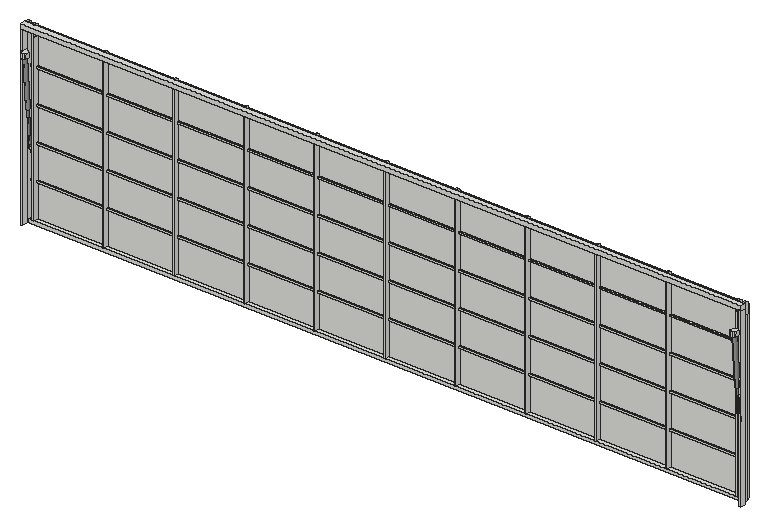
Revit family "Door-Hydraulic-PowerLift-Max_Frame", category Doors, host Wall, Revit 2026
Family settings
  Host = Wall
  Classification Number = 23.30.10.00
  Always vertical = Yes
  Cut with Voids When Loaded = No
  Shared = No
  Room Calculation Point = No
Parameters (values of type "80'W x 20'H")
  Vertical Rail Spacing [instance] = 7' - 10 1/4"
  URL = "https://powerliftdoors.com/"
  Type Comments = "Door models are generic and may be resized in architectural software (Revit). Door construction materials (e.g. number of crossmembers, verticals, and all material sizes) may change for your project based on a number of factors including but not limited to cladding material, interior/exterior sheeting, insulation, and wind load design requirements in your area.\r\n\r\nDetail items such as top and bottom door seals, header and jamb fixing components, hoses, pumps, and pins are not included in these models as installation requirements vary depending on factors such as header and jamb material, thickness/depth, and mounting style (inside or outside mount). Omitting such details also minimizes file size.\r\n\r\nFor details regarding different installation configurations, fixing requirements, seal details, and any further questions, please visit www.powerliftdoors.com or contact Powerlift Doors directly at 1-855-368-9595.\r\n"
  Rough Width = Width  # 80' - 0"
  Rough Opening Width [instance] = if(Outside Mount, Width - (0' 3" * 2), Width)  # 79' - 6"
  Rough Opening Height [instance] = if(Outside Mount, Height - 0' 6", Height)  # 19' - 6"
  Rough Height = Height  # 20' - 0"
  Outside Mount [instance] = not(Inside Mount)  # yes
  Model = "Max Frame"
  Metal Sheeting Thickness [instance] = 0' - 1"
  Metal Sheeting Material [instance] = Steel - PowerLift
  Manufacturer Website = ""
  Manufacturer Phone - Toll Free = "855-368-9595"
  Manufacturer Phone = "507-368-9500"
  Manufacturer Fax = "507-368-1358"
  Manufacturer Email = "https://powerliftdoors.com/contact/"
  Manufacturer Address = "1482 200th Ave., P.O. Box 311, Lake Benton, MN 56149"
  Manufacturer = "PowerLift Hydraulic Doors"
  Inside Mount [instance] = no
  Horizontal Rail Spacing [instance] = 3' - 10 1/2"
  Function = Exterior
  Height = 20' - 0"
  Wall Closure = By host
  Width = 80' - 0"
  Frame Offset [instance] = if(Inside Mount, 0' 7" + Metal Sheeting Thickness, 0' 0")  # 0' - 0"
  Frame Material [instance] = Steel - PowerLift
  Door Open [instance] = no
  Door Closed [instance] = not(Door Open)  # yes
  Description = "Hydraulic Door - Max Frame"
  Bottom Truss Interior [instance] = no
  Bottom Truss Exterior [instance] = not(Bottom Truss Interior)  # yes
Reference planes (in)
  plane 1 "Center (Front/Back)": y = 0
  plane 2 "Center (Left/Right)": x = 0
  plane 3 "Left": x = -480
  plane 4 "Right": x = 480
  plane 5 "Top": z = 240
  plane 6 "Exterior": y = 12
  plane 7 "Interior": y = -12
  plane 8 "Door Frame Host": y = 12
  plane 9: x = -477
  plane 10: x = 477
  plane 11 "Cylinder Left": x = -473.03025
  plane 12 "Cylinder Right": x = 473.02725
  plane 13 "Door Panel Host": y = 18
  plane 14 "Open Door Projection": y = 258
Forms (in)
  Extrusion 1, solid, material "Steel - PowerLift" <- "Frame Material"
    sketch origin (0, 0, 0) x (1, 0, 0) y (0, 1, 0)
      loop
        line (-480, 18) -> (-480, 12) -> (-477, 12) -> (-477, 18) -> (-480, 18)
      loop
        line (477, 18) -> (477, 12) -> (480, 12) -> (480, 18) -> (477, 18)
    from 0 to 234
  Extrusion 2, solid, material "Steel - PowerLift" <- "Frame Material"
    sketch origin (0, 0, 0) x (0, 1, 0) y (0, 0, 1)
      loop
        line (12, 240) -> (12, 234) -> (18, 234) -> (18, 240) -> (12, 240)
    from -480 to 480
  Extrusion 3, solid, material "Steel - PowerLift" <- "Frame Material", visible <- "Inside Mount"
    sketch origin (480, 0, 0) x (0, -1, 0) y (0, 0, 1)
      loop
        line (-12, 236.5) -> (-12, 164.5) -> (-7, 169.5) -> (-7, 231.5) -> (-12, 236.5)
    from 0 to 3
  Extrusion 4, solid, material "Steel - PowerLift" <- "Frame Material", visible <- "Inside Mount", detail levels medium+fine
    sketch origin (-480, 0, 0) x (0, -1, 0) y (0, 0, 1)
      loop
        line (-12, 236.5) -> (-12, 164.5) -> (-7, 169.5) -> (-7, 231.5) -> (-12, 236.5)
    from 0 to -3
  Extrusion 5, solid, material "Steel - PowerLift" <- "Frame Material", detail levels medium+fine
    sketch origin (0, 0, 0) x (1, 0, 0) y (0, 1, 0)
      loop
        line (-477, 16.9375) -> (-477, 7.5288)
        arc (-477, 7.5288) -> (-476.83017, 6.83551) -> (-476.35914, 6.29921) r 1.5
        line (-476.35914, 6.29921) -> (-474.51603, 5.01139)
        arc (-474.51603, 5.01139) -> (-472.98933, 4.5625) -> (-471.50103, 5.12581) r 2.5
        line (-471.50103, 5.12581) -> (-469.91282, 6.42527)
        arc (-469.91282, 6.42527) -> (-469.55112, 6.85833) -> (-469.375, 7.39438) r 1.5
        line (-469.375, 7.39438) -> (-469.375, 10.875) -> (-470.375, 10.875) -> (-476, 16.9375) -> (-477, 16.9375)
      loop
        line (477, 16.9375) -> (476, 16.9375) -> (470.375, 10.875) -> (469.375, 10.875) -> (469.375, 7.39438)
        arc (469.375, 7.39438) -> (469.55112, 6.85833) -> (469.91282, 6.42527) r 1.5
        line (469.91282, 6.42527) -> (471.50103, 5.12581)
        arc (471.50103, 5.12581) -> (472.98933, 4.5625) -> (474.51603, 5.01139) r 2.5
        line (474.51603, 5.01139) -> (476.35914, 6.29921)
        arc (476.35914, 6.29921) -> (476.83017, 6.83551) -> (477, 7.5288) r 1.5
        line (477, 7.5288) -> (477, 16.9375)
    from 203.625 to 209.625
Lines and regions (in)
  Opening 1
    outline origin (-90, -12, 0) x (1, 0, 0) y (0, 0, 1)
      loop
        line (-387, 0) -> (567, 0) -> (567, 234) -> (-387, 234) -> (-387, 0)
  symbolic lines, style "Elevation Swing"
    curve 1: line (-480, 12, 0) -> (0, 12, 240)
    curve 2: line (0, 12, 240) -> (480, 12, 0)
    curve 7: line (-480, 12, 0) -> (-480, 256, 0)
    curve 8: line (-480, 256, 0) -> (480, 256, 0)
    curve 9: line (480, 256, 0) -> (480, 12, 0)
  reference lines
    curve 3: line (-473.03025, 9.5, 205.5) -> (-473.03025, 18, 93.75)
    curve 4: line (473.02725, 9.5, 205.5) -> (473.02725, 18, 93.75)
    curve 5: line (473.02725, 9.5, 205.5) -> (473.02725, 164.25, 232.75)
    curve 6: line (-473.03025, 9.5, 205.5) -> (-473.03025, 164.25, 232.75)
Text (in)
  text "Exterior" at (-74.96733, 52.57988, 0), in view "Ref. Level"
  text "Interior" at (-74.96733, -25.14366, 0), in view "Ref. Level"
  text "Exterior" at (0, 40.15149, 123.01588), in view "Right"
  text "Interior" at (0, -64.39139, 123.01588), in view "Right"
  text "Interior" at (0, -31.01599, 223.00693), in view "Left"
  text "Exterior" at (0, 54.57065, 223.00693), in view "Left"
Dimensions and locks (in)
  equal spacing: plane 3 "Left", plane 2 "Center (Left/Right)", plane 4 "Right"
  "Width": plane 3 "Left" to plane 4 "Right"
  "Frame Offset": plane 8 "Door Frame Host" to plane 6 "Exterior"
  locked: Extrusion 1 sketch curve to plane 8 "Door Frame Host" at 6  (x2)
  locked: Extrusion 1 sketch curve to plane 4 "Right" at 3
  locked: plane 3 "Left" to Extrusion 1 sketch curve at 3
  Extrusion 1 to plane 5 "Top" = 0' - 6"
  "Height": level to plane 5 "Top"
  locked: plane 8 "Door Frame Host" to Extrusion 2 sketch curve at 6
  locked: Extrusion 2 sketch curve to plane 5 "Top" at 6
  Extrusion 3 sketch curve to Extrusion 3 sketch curve to Extrusion 3 sketch curve to Extrusion 3 sketch curve to plane 5 "Top" = 0' - 5" locked, 5' - 2" locked, 0' - 5" locked, 0' - 3 1/2" locked
  locked: Extrusion 3 sketch curve to plane 8 "Door Frame Host" at 5
  locked: plane 3 "Left" to plane 9 at 3
  locked: plane 10 to plane 4 "Right" at 3
  locked: plane 8 "Door Frame Host" to Extrusion 4 sketch curve at 5
  Extrusion 4 sketch curve to Extrusion 4 sketch curve to Extrusion 4 sketch curve to Extrusion 4 sketch curve to plane 5 "Top" = 0' - 5" locked, 5' - 2" locked, 0' - 5" locked, 0' - 3 1/2" locked
  Extrusion 5 to Extrusion 5 to plane 5 "Top" = 0' - 6" locked, 2' - 6 3/8" locked
  curve 3 to plane 8 "Door Frame Host" to curve 3 = 0' - 6" locked, 0' - 2 1/2" locked
  curve 3 to curve 3 to plane 5 "Top" = 9' - 3 3/4" locked, 2' - 10 1/2" locked
  plane 3 "Left" to plane 11 "Cylinder Left" = 0' - 6.96975"
  locked: plane 12 "Cylinder Right" to plane 4 "Right" at 6.97275
  curve 4 to curve 4 to plane 5 "Top" = 9' - 3 3/4" locked, 2' - 10 1/2" locked
  curve 4 to plane 8 "Door Frame Host" to curve 4 = 0' - 6" locked, 0' - 2 1/2" locked
  locked: plane 13 "Door Panel Host" to plane 8 "Door Frame Host" at 6
  "Height": plane 14 "Open Door Projection" to plane 13 "Door Panel Host"
  locked: curve 5 to plane 5 "Top" at 7.25
  locked: plane 13 "Door Panel Host" to curve 5 at 146.25
  locked: curve 6 to plane 5 "Top" at 7.25
  locked: curve 6 to plane 13 "Door Panel Host" at 146.25
  locked: plane 14 "Open Door Projection" to curve 8 at 2
  equal spacing: Opening 1 sketch curve, plane 2 "Center (Left/Right)", Opening 1 sketch curve
  "Rough Opening Width": Opening 1 sketch curve to Opening 1 sketch curve
  "Rough Opening Height": Opening 1 sketch curve to level
  locked: plane 13 "Door Panel Host" to nested 1 at 0.25
  locked: Extrusion 1 to plane 5 "Top" at 6
  plane 9 to Extrusion 5 sketch curve to Extrusion 5 sketch curve to Extrusion 5 sketch curve = 0' - 1" locked, 0' - 5 5/8" locked, 0' - 1" locked
  Extrusion 5 sketch curve to plane 8 "Door Frame Host" to Extrusion 5 sketch curve to Extrusion 5 sketch curve to Extrusion 5 sketch curve to Extrusion 5 sketch curve to Extrusion 5 sketch curve to Extrusion 5 sketch curve to Extrusion 5 sketch curve = 0' - 4 15/16" locked, 0' - 1 1/8" locked, 0' - 3.3462" locked, 0' - 0.13442" locked, 0' - 0.96911" locked, 0' - 0.12605" locked, 0' - 1.1734" locked, 0' - 0.11442" locked  (x2)
  Extrusion 5 sketch curve to Extrusion 5 sketch curve to Extrusion 5 sketch curve to plane 10 = 0' - 1" locked, 0' - 5 5/8" locked, 0' - 1" locked
  aligned and locked: plane 6 "Exterior" to host wall
  aligned and locked: host wall to plane 7 "Interior"
  aligned and locked: Extrusion 1 sketch curve to plane 8 "Door Frame Host"
  aligned and locked: plane 8 "Door Frame Host" to Extrusion 1 sketch curve
  aligned and locked: Extrusion 1 sketch curve to plane 3 "Left"
  aligned and locked: plane 4 "Right" to Extrusion 1 sketch curve
  aligned and locked: plane 8 "Door Frame Host" to Extrusion 2 sketch curve
  aligned and locked: plane 5 "Top" to Extrusion 2 sketch curve
  aligned and locked: plane 8 "Door Frame Host" to Extrusion 3 sketch curve
  aligned and locked: Extrusion 3 to plane 10
  aligned and locked: plane 8 "Door Frame Host" to Extrusion 4 sketch curve
  aligned and locked: plane 9 to Extrusion 4
  aligned and locked: plane 3 "Left" to Extrusion 2
  aligned and locked: Extrusion 2 to plane 4 "Right"
  aligned and locked: Extrusion 5 sketch curve to plane 10
  aligned and locked: plane 2 "Center (Left/Right)" to nested 1
  aligned and locked: nested 2 to curve 4  (x3)
  aligned and locked: curve 3 to nested 3
  aligned and locked: plane 11 "Cylinder Left" to nested 3
  aligned and locked: plane 2 "Center (Left/Right)" to nested 4
  aligned and locked: nested 4 to plane 14 "Open Door Projection"
  aligned and locked: level to curve 2
  aligned and locked: plane 4 "Right" to curve 2
  aligned and locked: plane 3 "Left" to curve 1
  aligned and locked: curve 1 to level
  aligned and locked: plane 5 "Top" to curve 2
  aligned and locked: curve 2 to plane 2 "Center (Left/Right)"
  aligned and locked: nested 4 to plane 5 "Top"
  aligned and locked: nested 5 to curve 5
  aligned and locked: curve 7 to plane 3 "Left"
  aligned and locked: curve 9 to plane 4 "Right"
  aligned and locked: Opening 1 sketch curve to level
  aligned and locked: nested 3 to curve 6
  aligned and locked: nested 6 to curve 6
  aligned and locked: nested 5 to curve 6
  aligned and locked: Extrusion 5 sketch curve to plane 9
Automatic sketch dimensions
  plane 12 "Cylinder Right" to plane 12 "Cylinder Right" = 0' - 0"
  curve 9 to host wall = 0' - 0"
  curve 7 to host wall = 0' - 0"
  plane 9 to Extrusion 5 sketch curve = 0' - 0.64086"
  Extrusion 5 sketch curve to plane 11 "Cylinder Left" = 0' - 1.48579"
  Extrusion 5 sketch curve to plane 11 "Cylinder Left" = 0' - 0.05389"
  plane 11 "Cylinder Left" to Extrusion 5 sketch curve = 0' - 1.52922"
  Extrusion 5 sketch curve to Extrusion 5 sketch curve = 0' - 1.48768"
  Extrusion 5 sketch curve to Extrusion 5 sketch curve = 0' - 0.53782"  (x2)
  Extrusion 5 sketch curve to Extrusion 5 sketch curve = 0' - 0.94986"
  plane 12 "Cylinder Right" to Extrusion 5 sketch curve = 0' - 1.52622"
  Extrusion 5 sketch curve to plane 12 "Cylinder Right" = 0' - 0.05688"
  Extrusion 5 sketch curve to plane 12 "Cylinder Right" = 0' - 1.48878"
  Extrusion 5 sketch curve to plane 10 = 0' - 0.64086"
Nested families (in)
  nested 1: "Door-PowerLift-Max_Frame-Front" at (0, 18.25, 0), visible <- "Door Closed", type "Door-PowerLift-Max_Frame-Front"
    with Metal Sheeting Bottom Extension 0' - 4", Width 80' - 0", Vertical Rail Array Quantity Auxiliary 9, Vertical Rail Array Quantity 9, Vertical Bay Cantilever 7' - 9.8", Horizontal Rail Array Quantity Auxiliary 4, Horizontal Rail Array Quantity 4, Horizontal Bay Cantilever 3' - 9.7", Bottom Truss Rail Array 25, Height 20' - 0"
  nested 2: "Door-PowerLift-Max-Cylinder" at (473.02725, 18, 93.75) x (-1, 0, 0) z (0, -0.0758, 0.9971), visible <- "Door Closed", type "Door-PowerLift-Cylinder", detail levels medium+fine
    with Axis to Axis Distance 9' - 4.0728"
  nested 3: "Door-PowerLift-Max-Cylinder" at (-473.03025, 18, 93.75) x (1, 0, 0) z (0, -0.0758, 0.9971), visible <- "Door Closed", type "Door-PowerLift-Cylinder", detail levels medium+fine
    with Axis to Axis Distance 9' - 4.0728"
  nested 4: "Door-PowerLift-Max_Frame-Front" at (0, 258, 233) x (1, 0, 0) z (0, -1, 0), visible <- "Door Open", type "Door-PowerLift-Max_Frame-Front"
    with Metal Sheeting Bottom Extension 0' - 4", Width 80' - 0", Vertical Rail Array Quantity Auxiliary 9, Vertical Rail Array Quantity 9, Vertical Bay Cantilever 7' - 9.8", Horizontal Rail Array Quantity Auxiliary 4, Horizontal Rail Array Quantity 4, Horizontal Bay Cantilever 3' - 9.7", Bottom Truss Rail Array 25, Height 20' - 0"
  nested 5: "Door-PowerLift-Max-Cylinder" at (473.02725, 164.25, 232.75) x (-1, 0, 0) z (0, -0.9848, -0.1734), visible <- "Door Open", type "Door-PowerLift-Cylinder", detail levels medium+fine
    with Axis to Axis Distance 13' - 1.13092"
  nested 6: "Door-PowerLift-Max-Cylinder" at (-473.03025, 164.25, 232.75) x (1, 0, 0) z (0, -0.9848, -0.1734), visible <- "Door Open", type "Door-PowerLift-Cylinder", detail levels medium+fine
    with Axis to Axis Distance 13' - 1.13092"
Definition of nested family "Door-PowerLift-Max_Frame-Front"
  Parameters (values of type "Door-PowerLift-Max_Frame-Front")
    Width = 96' - 0"
    Vertical Rail No Array = not(Vertical Rail Array)  # no
    Vertical Rail Array Quantity Auxiliary = if(Vertical Rail Array Quantity > 1, Vertical Rail Array Quantity, 2)  # 11
    Vertical Rail Array Quantity = ((Width - (0' 11" * 2)) / Vertical Bay Spacing) - 1  # 11
    Vertical Bay Spacing = 7' - 10 1/4"
    Vertical Bay Cantilever = (Width - (0' 11" * 2)) / (Vertical Rail Array Quantity + 1)  # 7' - 10.16667"
    Metal Sheeting Thickness = 0' - 1"
    Metal Sheeting Material = none
    Metal Sheeting Bottom Extension [instance] = if(Bottom Truss Interior, 0' 2", 0' 4")  # 0' - 4"
    Horizontal Rail No Array = not(Horizontal Rail Array)  # no
    Horizontal Rail Array Quantity Auxiliary = if(Horizontal Rail Array Quantity > 1, Horizontal Rail Array Quantity, 2)  # 3
    Horizontal Rail Array Quantity = ((Height - 0' 5 1/2" - 0' 4") / Horizontal Bay Spacing) - 1  # 3
    Horizontal Rail Array = Horizontal Rail Array Quantity > 1  # yes
    Horizontal Bay Spacing = 3' - 10 1/2"
    Vertical Rail Array = Vertical Rail Array Quantity > 1  # yes
    Horizontal Bay Cantilever = (Height - 0' 5 1/2" - 0' 6") / (Horizontal Rail Array Quantity + 1)  # 3' - 9 1/8"
    Frame Material = none
    Bottom Truss Rail Array = ((Width - (2' 11" * 2)) / 3' 1 1/4") + 1  # 30
    Height = 16' - 0"
    Default Elevation = 0' - 0"
    Bottom Truss Interior = no
    Bottom Truss Exterior = not(Bottom Truss Interior)  # yes
  Reference planes (in)
    plane 1 "Center (Front/Back)": y = 0
    plane 2: z = 0
    plane 3 "Center (Left/Right)": x = 0
    plane 4 "Left": x = -576
    plane 5 "Right": x = 576
    plane 6 "Top": z = 192
    plane 7: x = -541
    plane 8: x = 541
    plane 9: y = 6
    plane 10: x = -565
    plane 11: x = 565
    plane 12: x = -470.83333
    plane 13: x = 470.83333
    plane 14: y = 7
    plane 15: z = 51.125
    plane 16: z = 140.875
    plane 17: z = 186
    plane 18: z = 4
    plane 19: z = 95
    plane 20: z = 6
  Forms (in)
    Extrusion 1, solid, material <- "Frame Material"
      sketch origin (0, 0, 0) x (1, 0, 0) y (0, 0, 1)
        loop
          line (-575, 188) -> (-575, 2) -> (-572, 2) -> (-572, 185) -> (572, 185) -> (572, 2) -> (575, 2) -> (575, 188) -> (-575, 188)
      from -6 to 0
    Extrusion 2, solid, material <- "Frame Material"
      sketch origin (0, 0, 0) x (0, 1, 0) y (0, 0, 1)
        loop
          line (0, 6) -> (0, 2) -> (6, 2) -> (6, 6) -> (0, 6)
      from -572.75 to 572.75
    Extrusion 3, solid, material <- "Frame Material", visible <- "Bottom Truss Exterior"
      sketch origin (0, 0, 0) x (1, 0, 0) y (0, 1, 0)
        loop
          line (-567.84315, 6) -> (-542.5, 31.34315) -> (-542.5, 33) -> (542.5, 33) -> (542.5, 31.34315) -> (567.84315, 6) -> (573.5, 6) -> (542.5, 37) -> (-542.5, 37) -> (-573.5, 6) -> (-567.84315, 6)
      from 2 to 4
    Extrusion 4, solid, material <- "Frame Material", visible <- "Bottom Truss Interior"
      sketch origin (0, 3.5, 0) x (1, 0, 0) y (0, 1, 0)
        loop
          line (-567.84315, -3.5) -> (-573.5, -3.5) -> (-542.5, -34.5) -> (542.5, -34.5) -> (573.5, -3.5) -> (567.84315, -3.5) -> (542.5, -28.84315) -> (542.5, -30.5) -> (-542.5, -30.5) -> (-542.5, -28.84315) -> (-567.84315, -3.5)
      from 2 to 4
    Extrusion 5, solid, material <- "Metal Sheeting Material"
      sketch origin (0, 0, 0) x (1, 0, 0) y (0, 1, 0)
        loop
          line (-575, 7) -> (-575, 6) -> (575, 6) -> (575, 7) -> (-575, 7)
      from 4 <- "Metal Sheeting Bottom Extension" to 188
    Extrusion 6, solid, material <- "Frame Material", detail levels medium+fine
      sketch origin (576, 0, 0) x (0, -1, 0) y (0, 0, -1)
        loop
          line (-5.5, -188) -> (-5.5, -190.5625) -> (-4.5, -191.5625) -> (-1, -191.5625) -> (0, -190.5625) -> (0, -188) -> (-5.5, -188)
      from -3.5 to -9.5
    Extrusion 7, void
      sketch origin (0, 0, 0) x (1, 0, 0) y (0, 0, 1)
        loop
          line (572, 188.5625) -> (572, 191.875) -> (567, 191.875) -> (567, 188.5625) -> (572, 188.5625)
      from 0 to -6
    Extrusion 8, solid, material <- "Frame Material", detail levels medium+fine
      sketch origin (-576, 0, 0) x (0, -1, 0) y (0, 0, 1)
        loop
          line (0, 188.0625) -> (0, 190.5625) -> (-1, 191.5625) -> (-4.5, 191.5625) -> (-5.5, 190.5625) -> (-5.5, 188.0625) -> (0, 188.0625)
      from -3.5 to -9.5
    Extrusion 9, void
      sketch origin (0, 0, 0) x (1, 0, 0) y (0, 0, 1)
        loop
          line (-572, 188.5625) -> (-567, 188.5625) -> (-567, 191.875) -> (-572, 191.875) -> (-572, 188.5625)
      from 0 to -5.5
    Extrusion 10, solid, material <- "Frame Material", detail levels medium+fine
      sketch origin (576, 0, 0) x (0, -1, 0) y (0, 0, -1)
        loop
          line (0, -190.5) -> (0, -178.5)
          arc (0, -178.5) -> (-0.29289, -177.79289) -> (-1, -177.5) r 1
          line (-1, -177.5) -> (-4.5, -177.5)
          arc (-4.5, -177.5) -> (-5.20711, -177.79289) -> (-5.5, -178.5) r 1
          line (-5.5, -178.5) -> (-5.5, -190.5)
          arc (-5.5, -190.5) -> (-5.20711, -191.20711) -> (-4.5, -191.5) r 1
          line (-4.5, -191.5) -> (-1, -191.5)
          arc (-1, -191.5) -> (-0.29289, -191.20711) -> (0, -190.5) r 1
      from -0.375 to -12.625
    Extrusion 11, solid, material <- "Frame Material", detail levels medium+fine
      sketch origin (-576, 0, 0) x (0, -1, 0) y (0, 0, 1)
        loop
          arc (0, 190.5) -> (-0.29289, 191.20711) -> (-1, 191.5) r 1
          line (-1, 191.5) -> (-4.5, 191.5)
          arc (-4.5, 191.5) -> (-5.20711, 191.20711) -> (-5.5, 190.5) r 1
          line (-5.5, 190.5) -> (-5.5, 178.5)
          arc (-5.5, 178.5) -> (-5.20711, 177.79289) -> (-4.5, 177.5) r 1
          line (-4.5, 177.5) -> (-1, 177.5)
          arc (-1, 177.5) -> (-0.29289, 177.79289) -> (0, 178.5) r 1
          line (0, 178.5) -> (0, 190.5)
      from -0.375 to -12.625
    Extrusion 12, solid, material <- "Frame Material", detail levels medium+fine
      sketch origin (0, 0, 0) x (1, 0, 0) y (0, 1, 0)
        loop
          line (-571.875, 6) -> (-571.875, 2.875) -> (-566.125, 2.875) -> (-566.125, 6) -> (-571.875, 6)
        loop
          line (571.875, 6) -> (566.125, 6) -> (566.125, 2.875) -> (571.875, 2.875) -> (571.875, 6)
      from 35.5625 to 59.9375
    Extrusion 13, solid, material <- "Frame Material", detail levels medium+fine
      sketch origin (576, 0, 0) x (0, -1, 0) y (0, 0, -1)
        loop
          arc (0.75, -47.1875) -> (1.45711, -46.89461) -> (1.75, -46.1875) r 1
          line (1.75, -46.1875) -> (1.75, -43.79613)
          arc (1.75, -43.79613) -> (1.60423, -43.27624) -> (1.20942, -42.90791) r 1
          line (1.20942, -42.90791) -> (-5.5, -39.4375) -> (-5.5, -47.1875) -> (0.75, -47.1875)
      from -7.625 to -6.375
    Extrusion 14, solid, material <- "Frame Material", detail levels medium+fine
      sketch origin (-576, 0, 0) x (0, -1, 0) y (0, 0, 1)
        loop
          line (0.75, 47.1875) -> (-5.5, 47.1875) -> (-5.5, 39.4375) -> (1.20942, 42.90791)
          arc (1.20942, 42.90791) -> (1.60423, 43.27624) -> (1.75, 43.79613) r 1
          line (1.75, 43.79613) -> (1.75, 46.1875)
          arc (1.75, 46.1875) -> (1.45711, 46.89461) -> (0.75, 47.1875) r 1
      from -7.625 to -6.375
    Sweep 15, solid, material <- "Frame Material"
      path origin (0, 0, 0) x (0, 1, 0) y (0, 0, 1)
        loop
          line (6, 0) -> (0, 0)
      profile origin (0, 3, 0) x (0, 0, -1) y (1, 0, 0)
        loop
          line (-6, 566) -> (-185, 566) -> (-185, 564) -> (-6, 564) -> (-6, 566)
        loop
          line (-6, -566) -> (-6, -564) -> (-185, -564) -> (-185, -566) -> (-6, -566)
    Extrusion 16, void
      sketch origin (0, 0, 0) x (1, 0, 0) y (0, 0, 1)
        loop
          line (-564, 176.4375) -> (-564, 192.4375) -> (-575, 192.4375) -> (-575, 176.4375) -> (-564, 176.4375)
        loop
          line (564, 176.4375) -> (575, 176.4375) -> (575, 192.4375) -> (564, 192.4375) -> (564, 176.4375)
      from -6 to 0.25
  Cuts and joins
    Extrusion 7 cuts Extrusion 6
    Extrusion 9 cuts Extrusion 8
    Extrusion 16 cuts Extrusion 11
    Extrusion 16 cuts Extrusion 10
    joined: Extrusion 12, Extrusion 13, Extrusion 14
  Dimensions and locks (in)
    equal spacing: plane 4 "Left", plane 3 "Center (Left/Right)", plane 5 "Right"
    "Width": plane 4 "Left" to plane 5 "Right"
    locked: plane 4 "Left" to plane 7 at 35
    locked: plane 8 to plane 5 "Right" at 35
    "Height": plane 2 to plane 6 "Top"
    plane 5 "Right" to Extrusion 1 sketch curve to Extrusion 1 sketch curve = 0' - 1" locked, 0' - 3" locked
    plane 4 "Left" to Extrusion 1 sketch curve to Extrusion 1 sketch curve = 0' - 1" locked, 0' - 3" locked
    Extrusion 1 sketch curve to Extrusion 1 sketch curve to plane 6 "Top" = 0' - 3" locked, 0' - 4" locked
    locked: plane 2 to Extrusion 1 sketch curve at 2  (x2)
    locked: plane 4 "Left" to Extrusion 2 at 3.25
    locked: Extrusion 2 to plane 5 "Right" at 3.25
    plane 1 "Center (Front/Back)" to Extrusion 3 sketch curve to Extrusion 3 sketch curve = 2' - 9" locked, 0' - 4" locked
    locked: Extrusion 3 sketch curve to plane 5 "Right" at 33.5
    locked: plane 4 "Left" to Extrusion 3 sketch curve at 33.5
    Extrusion 3 sketch curve to Extrusion 3 sketch curve to plane 5 "Right" = 0' - 5.65685" locked, 0' - 2 1/2" locked
    plane 4 "Left" to Extrusion 3 sketch curve to Extrusion 3 sketch curve = 0' - 2 1/2" locked, 0' - 5.65685" locked
    Extrusion 3 to Extrusion 3 to level = 0' - 2" locked, 0' - 2" locked
    locked: plane 1 "Center (Front/Back)" to plane 9 at 6
    locked: plane 4 "Left" to plane 10 at 11
    locked: plane 11 to plane 5 "Right" at 11
    equal spacing: group 1, group 11, group 12, group 33, group 34, group 36, group 37, group 38, group 63, group 68, group 2  (x3)
    "Vertical Bay Cantilever": plane 12 to plane 10
    "Vertical Bay Cantilever": plane 11 to plane 13
    equal spacing: group 3, group 5, group 13, group 14, group 15, group 16, group 17, group 18, group 19, group 20, group 21, group 22, group 39, group 40, group 41, group 42, group 43, group 44, group 45, group 46, group 47, group 48, group 49, group 50, group 64, group 65, group 69, group 70, group 71, group 4  (x3)
    plane 1 "Center (Front/Back)" to Extrusion 4 sketch curve to Extrusion 4 sketch curve = 2' - 3" locked, 0' - 4" locked
    Extrusion 4 sketch curve to Extrusion 4 sketch curve to plane 5 "Right" = 0' - 5.65685" locked, 0' - 2 1/2" locked
    plane 4 "Left" to Extrusion 4 sketch curve to Extrusion 4 sketch curve = 0' - 2 1/2" locked, 0' - 5.65685" locked
    locked: Extrusion 4 to plane 2 at 2
    equal spacing: group 6, group 8, group 23, group 24, group 25, group 26, group 27, group 28, group 29, group 30, group 31, group 32, group 51, group 52, group 53, group 54, group 55, group 56, group 57, group 58, group 59, group 60, group 61, group 62, group 66, group 67, group 72, group 73, group 74, group 7  (x3)
    "Metal Sheeting Thickness": plane 14 to plane 9
    Extrusion 5 to plane 2 = 0' - 4"
    locked: plane 6 "Top" to Extrusion 5 at 4
    locked: Extrusion 5 sketch curve to plane 5 "Right" at 1
    locked: plane 4 "Left" to Extrusion 5 sketch curve at 1
    plane 6 "Top" to Extrusion 6 sketch curve to Extrusion 6 sketch curve to Extrusion 6 sketch curve to Extrusion 6 sketch curve = 0' - 0 7/16", 0' - 1", 0' - 0", 0' - 2 9/16"
    plane 5 "Right" to Extrusion 6 to cut or joined group of Extrusion 6, Extrusion 7 = 0' - 3 1/2" locked, 0' - 6"
    Extrusion 8 sketch curve to Extrusion 8 sketch curve to Extrusion 8 sketch curve to Extrusion 8 sketch curve to plane 6 "Top" = 0' - 2 1/2" locked, 0' - 0" locked, 0' - 1" locked, 0' - 0 7/16" locked
    Extrusion 8 to Extrusion 8 to plane 4 "Left" = 0' - 6" locked, 0' - 3 1/2" locked
    plane 4 "Left" to Extrusion 9 sketch curve to Extrusion 9 sketch curve = 0' - 4" locked, 0' - 5" locked
    Extrusion 9 sketch curve to Extrusion 9 sketch curve to plane 6 "Top" = 0' - 3 5/16" locked, 0' - 0 1/8" locked
    plane 6 "Top" to Extrusion 10 sketch curve to Extrusion 10 sketch curve = 0' - 0 1/2" locked, 1' - 2" locked
    plane 6 "Top" to Extrusion 11 sketch curve to Extrusion 11 sketch curve = 0' - 0 1/2" locked, 1' - 2" locked
    plane 4 "Left" to Extrusion 11 to Extrusion 11 = 0' - 0 3/8" locked, 1' - 0 1/4" locked
    plane 4 "Left" to Extrusion 12 sketch curve to Extrusion 12 sketch curve = 0' - 4 1/8" locked, 0' - 5 3/4" locked
    Extrusion 12 sketch curve to Extrusion 12 sketch curve to plane 5 "Right" = 0' - 5 3/4" locked, 0' - 4 1/8" locked
    plane 6 "Top" to Extrusion 12 to Extrusion 12 = 11' - 0 1/16" locked, 2' - 0 3/8" locked
    plane 4 "Left" to Extrusion 14 to Extrusion 14 = 0' - 6 3/8" locked, 0' - 1 1/4" locked
    Extrusion 13 to Extrusion 13 to plane 5 "Right" = 0' - 1 1/4" locked, 0' - 6 3/8" locked
    Extrusion 10 to Extrusion 10 to plane 5 "Right" = 1' - 0 1/4" locked, 0' - 0 3/8" locked
    locked: plane 2 to plane 18 at 4
    plane 17 to plane 6 "Top" = 0' - 6"
    equal spacing: group 9, group 35, group 10  (x3)
    "Horizontal Bay Cantilever": plane 15 to plane 20
    "Horizontal Bay Cantilever": plane 17 to plane 16
    equal spacing: plane 17, plane 19, plane 18
    plane 6 "Top" to Extrusion 13 sketch curve to Extrusion 13 sketch curve = 12' - 0 13/16" locked, 0' - 7 3/4" locked
    plane 6 "Top" to Extrusion 14 sketch curve to Extrusion 14 sketch curve = 12' - 0 13/16" locked, 0' - 7 3/4" locked
    locked: plane 1 "Center (Front/Back)" to Extrusion 4 sketch curve at 0  (x2)
    Extrusion 5 to plane 18 = 0' - 0"
    locked: plane 4 "Left" to Extrusion 4 sketch curve at 33.5
    locked: Extrusion 4 sketch curve to plane 5 "Right" at 33.5
    Extrusion 10 sketch curve to plane 1 "Center (Front/Back)" to Extrusion 10 sketch curve = 0' - 0" locked, 0' - 5 1/2" locked
    Extrusion 11 sketch curve to plane 1 "Center (Front/Back)" to Extrusion 11 sketch curve = 0' - 5 1/2" locked, 0' - 0" locked
    locked: Sweep 15 sketch curve to plane 6 "Top" at 7
    plane 4 "Left" to Sweep 15 sketch curve to Sweep 15 sketch curve = 0' - 10" locked, 0' - 2" locked
    plane 5 "Right" to Sweep 15 sketch curve to Sweep 15 sketch curve = 0' - 10" locked, 0' - 2" locked
    plane 9 to Extrusion 14 sketch curve to Extrusion 14 sketch curve = 0' - 0 1/2" locked, 0' - 7 1/4" locked
    plane 9 to Extrusion 13 sketch curve to Extrusion 13 sketch curve = 0' - 0 1/2" locked, 0' - 7 1/4" locked
    locked: plane 2 to Sweep 15 sketch curve at 6
    locked: plane 6 "Top" to plane 17 at 6
    locked: Extrusion 2 sketch curve to plane 2 at 2
    locked: plane 9 to Extrusion 12 sketch curve at 3.125  (x2)
    Extrusion 7 sketch curve to Extrusion 7 sketch curve to plane 5 "Right" = 0' - 5" locked, 0' - 4" locked
    plane 4 "Left" to Extrusion 16 sketch curve to Extrusion 16 sketch curve = 0' - 1" locked, 0' - 11" locked
    Extrusion 16 sketch curve to plane 6 "Top" to Extrusion 16 sketch curve = 1' - 3 9/16" locked, 0' - 0 7/16" locked
    plane 5 "Right" to Extrusion 16 sketch curve to Extrusion 16 sketch curve = 0' - 1" locked, 0' - 11" locked
    Extrusion 7 sketch curve to Extrusion 7 sketch curve to plane 6 "Top" = 0' - 3 5/16" locked, 0' - 0 1/8" locked
    locked: plane 20 to plane 2 at 6
    aligned and locked: level to plane 2
    aligned and locked: nested 1 to plane 9
    aligned and locked: plane 12 to nested 1
    aligned and locked: plane 13 to nested 2
    aligned and locked: plane 7 to nested 3
    aligned and locked: nested 6 to plane 7
    aligned and locked: Extrusion 5 sketch curve to plane 14
    aligned and locked: Extrusion 5 sketch curve to plane 9
    aligned and locked: plane 3 "Center (Left/Right)" to nested 9
    aligned and locked: nested 9 to plane 9
    aligned and locked: nested 10 to plane 9
    aligned and locked: nested 10 to plane 15
    aligned and locked: plane 3 "Center (Left/Right)" to nested 12
    aligned and locked: nested 12 to plane 9
    aligned and locked: nested 12 to plane 19
    aligned and locked: nested 11 to plane 16
    aligned and locked: Extrusion 1 to plane 9
    aligned and locked: plane 2 to Sweep 15 sketch curve
    aligned and locked: Sweep 15 sketch curve to Sweep 15 sketch curve  (x2)
    aligned and locked: plane 9 to nested 2
    aligned and locked: plane 9 to nested 11
    aligned and locked: nested 7 to plane 8
    aligned and locked: plane 8 to nested 4
    aligned and locked: plane 9 to Extrusion 3 sketch curve
    aligned and locked: Extrusion 2 sketch curve to plane 1 "Center (Front/Back)"
    aligned and locked: Extrusion 2 sketch curve to plane 9
    aligned and locked: plane 9 to Sweep 15 sketch curve
    aligned and locked: plane 1 "Center (Front/Back)" to Sweep 15 sketch curve
    aligned and locked: Extrusion 2 sketch curve to plane 20
    aligned and locked: Extrusion 12 sketch curve to plane 9  (x2)
    aligned and locked: Extrusion 16 sketch curve to Extrusion 16 sketch curve  (x2)
  Automatic sketch dimensions
    Extrusion 11 sketch curve to Extrusion 11 sketch curve = 0' - 1"  (x2)
    Extrusion 11 sketch curve to plane 1 "Center (Front/Back)" = 0' - 1"  (x2)
    Extrusion 10 sketch curve to Extrusion 10 sketch curve = 0' - 1"  (x3)
    Extrusion 10 sketch curve to Extrusion 10 sketch curve = 0' - 4 1/2"
    plane 9 to Extrusion 3 sketch curve = 0' - 0"
    Extrusion 3 sketch curve to plane 7 = 0' - 1 1/2"
    plane 8 to Extrusion 3 sketch curve = 0' - 1 1/2"
    Extrusion 3 sketch curve to Extrusion 3 sketch curve = 0' - 1.65685"  (x2)
    plane 7 to Extrusion 4 sketch curve = 0' - 1 1/2"
    Extrusion 4 sketch curve to plane 8 = 0' - 1 1/2"
    Extrusion 4 sketch curve to Extrusion 4 sketch curve = 0' - 1.65685"  (x2)
    Extrusion 6 sketch curve to plane 1 "Center (Front/Back)" = 0' - 0"
    plane 1 "Center (Front/Back)" to Extrusion 6 sketch curve = 0' - 1"
    plane 9 to Extrusion 6 sketch curve = 0' - 1 1/2"
    plane 9 to Extrusion 6 sketch curve = 0' - 0 1/2"
    Extrusion 8 sketch curve to plane 1 "Center (Front/Back)" = 0' - 0"
    Extrusion 8 sketch curve to plane 1 "Center (Front/Back)" = 0' - 1"
    Extrusion 8 sketch curve to plane 9 = 0' - 1 1/2"
    Extrusion 8 sketch curve to plane 9 = 0' - 0 1/2"
    Extrusion 13 sketch curve to plane 1 "Center (Front/Back)" = 0' - 0 3/4"  (x2)
    Extrusion 13 sketch curve to Extrusion 13 sketch curve = 0' - 0.45942"
    Extrusion 13 sketch curve to Extrusion 13 sketch curve = 0' - 3.27959"
    plane 1 "Center (Front/Back)" to Extrusion 14 sketch curve = 0' - 0 3/4"  (x2)
    Extrusion 14 sketch curve to Extrusion 14 sketch curve = 0' - 0.45942"
    Extrusion 14 sketch curve to Extrusion 14 sketch curve = 0' - 3.27959"
  Nested families (in)
    nested 1: "Door-PowerLift-Max-Vertical_Rail" at (-470.83333, 6, 0), visible <- "Vertical Rail Array", type "Vertical Rail"
      with Height 16' - 0"
    nested 2: "Door-PowerLift-Max-Vertical_Rail" at (470.83333, 6, 0), visible <- "Vertical Rail Array", type "Vertical Rail"
      with Height 16' - 0"
    nested 3: "Door-PowerLift-Max_Frame-Bottom_Truss" at (-541, 6, 2), visible <- "Bottom Truss Exterior", type "Bottom Truss"
    nested 4: "Door-PowerLift-Max_Frame-Bottom_Truss" at (541, 6, 2), visible <- "Bottom Truss Exterior", type "Bottom Truss"
    nested 5: "Door-PowerLift-Max_Frame-Bottom_Truss" at (-503.68966, 6, 2), visible <- "Bottom Truss Exterior", type "Bottom Truss"
    nested 6: "Door-PowerLift-Max_Frame-Bottom_Truss" at (-541, 0, 2) x (-1, 0, 0) z (0, 0, 1), visible <- "Bottom Truss Interior", type "Bottom Truss"
    nested 7: "Door-PowerLift-Max_Frame-Bottom_Truss" at (541, 0, 2) x (-1, 0, 0) z (0, 0, 1), visible <- "Bottom Truss Interior", type "Bottom Truss"
    nested 8: "Door-PowerLift-Max_Frame-Bottom_Truss" at (-503.68966, 0, 2) x (-1, 0, 0) z (0, 0, 1), visible <- "Bottom Truss Interior", type "Bottom Truss"
    nested 9: "Door-PowerLift-Max-Vertical_Rail" at (0, 6, 0), visible <- "Vertical Rail No Array", type "Vertical Rail"
      with Height 16' - 0"
    nested 10: "Door-PowerLift-Max-Horizontal_Rail" at (0, 6, 51.125), visible <- "Horizontal Rail Array", type "Horizontal Rail"
      with Length 96' - 0"
    nested 11: "Door-PowerLift-Max-Horizontal_Rail" at (0, 6, 140.875), visible <- "Horizontal Rail Array", type "Horizontal Rail"
      with Length 96' - 0"
    nested 12: "Door-PowerLift-Max-Horizontal_Rail" at (0, 6, 95), visible <- "Horizontal Rail No Array", type "Horizontal Rail"
      with Length 96' - 0"
    nested 13: "Door-PowerLift-Max-Vertical_Rail" at (-376.66667, 6, 0), visible <- "Vertical Rail Array", type "Vertical Rail"
      with Height 16' - 0"
    nested 14: "Door-PowerLift-Max-Vertical_Rail" at (-282.5, 6, 0), visible <- "Vertical Rail Array", type "Vertical Rail"
      with Height 16' - 0"
    nested 15: "Door-PowerLift-Max_Frame-Bottom_Truss" at (-466.37931, 6, 2), visible <- "Bottom Truss Exterior", type "Bottom Truss"
    nested 16: "Door-PowerLift-Max_Frame-Bottom_Truss" at (-429.06897, 6, 2), visible <- "Bottom Truss Exterior", type "Bottom Truss"
    nested 17: "Door-PowerLift-Max_Frame-Bottom_Truss" at (-391.75862, 6, 2), visible <- "Bottom Truss Exterior", type "Bottom Truss"
    nested 18: "Door-PowerLift-Max_Frame-Bottom_Truss" at (-354.44828, 6, 2), visible <- "Bottom Truss Exterior", type "Bottom Truss"
    nested 19: "Door-PowerLift-Max_Frame-Bottom_Truss" at (-317.13793, 6, 2), visible <- "Bottom Truss Exterior", type "Bottom Truss"
    nested 20: "Door-PowerLift-Max_Frame-Bottom_Truss" at (-279.82759, 6, 2), visible <- "Bottom Truss Exterior", type "Bottom Truss"
    nested 21: "Door-PowerLift-Max_Frame-Bottom_Truss" at (-242.51724, 6, 2), visible <- "Bottom Truss Exterior", type "Bottom Truss"
    nested 22: "Door-PowerLift-Max_Frame-Bottom_Truss" at (-205.2069, 6, 2), visible <- "Bottom Truss Exterior", type "Bottom Truss"
    nested 23: "Door-PowerLift-Max_Frame-Bottom_Truss" at (-167.89655, 6, 2), visible <- "Bottom Truss Exterior", type "Bottom Truss"
    nested 24: "Door-PowerLift-Max_Frame-Bottom_Truss" at (-130.58621, 6, 2), visible <- "Bottom Truss Exterior", type "Bottom Truss"
    nested 25: "Door-PowerLift-Max_Frame-Bottom_Truss" at (-466.37931, 0, 2) x (-1, 0, 0) z (0, 0, 1), visible <- "Bottom Truss Interior", type "Bottom Truss"
    nested 26: "Door-PowerLift-Max_Frame-Bottom_Truss" at (-429.06897, 0, 2) x (-1, 0, 0) z (0, 0, 1), visible <- "Bottom Truss Interior", type "Bottom Truss"
    nested 27: "Door-PowerLift-Max_Frame-Bottom_Truss" at (-391.75862, 0, 2) x (-1, 0, 0) z (0, 0, 1), visible <- "Bottom Truss Interior", type "Bottom Truss"
    nested 28: "Door-PowerLift-Max_Frame-Bottom_Truss" at (-354.44828, 0, 2) x (-1, 0, 0) z (0, 0, 1), visible <- "Bottom Truss Interior", type "Bottom Truss"
    nested 29: "Door-PowerLift-Max_Frame-Bottom_Truss" at (-317.13793, 0, 2) x (-1, 0, 0) z (0, 0, 1), visible <- "Bottom Truss Interior", type "Bottom Truss"
    nested 30: "Door-PowerLift-Max_Frame-Bottom_Truss" at (-279.82759, 0, 2) x (-1, 0, 0) z (0, 0, 1), visible <- "Bottom Truss Interior", type "Bottom Truss"
    nested 31: "Door-PowerLift-Max_Frame-Bottom_Truss" at (-242.51724, 0, 2) x (-1, 0, 0) z (0, 0, 1), visible <- "Bottom Truss Interior", type "Bottom Truss"
    nested 32: "Door-PowerLift-Max_Frame-Bottom_Truss" at (-205.2069, 0, 2) x (-1, 0, 0) z (0, 0, 1), visible <- "Bottom Truss Interior", type "Bottom Truss"
    nested 33: "Door-PowerLift-Max_Frame-Bottom_Truss" at (-167.89655, 0, 2) x (-1, 0, 0) z (0, 0, 1), visible <- "Bottom Truss Interior", type "Bottom Truss"
    nested 34: "Door-PowerLift-Max_Frame-Bottom_Truss" at (-130.58621, 0, 2) x (-1, 0, 0) z (0, 0, 1), visible <- "Bottom Truss Interior", type "Bottom Truss"
    nested 35: "Door-PowerLift-Max-Vertical_Rail" at (-188.33333, 6, 0), visible <- "Vertical Rail Array", type "Vertical Rail"
      with Height 16' - 0"
    nested 36: "Door-PowerLift-Max-Vertical_Rail" at (-94.16667, 6, 0), visible <- "Vertical Rail Array", type "Vertical Rail"
      with Height 16' - 0"
    nested 37: "Door-PowerLift-Max-Horizontal_Rail" at (0, 6, 96), visible <- "Horizontal Rail Array", type "Horizontal Rail"
      with Length 96' - 0"
    nested 38: "Door-PowerLift-Max-Vertical_Rail" at (0, 6, 0), visible <- "Vertical Rail Array", type "Vertical Rail"
      with Height 16' - 0"
    nested 39: "Door-PowerLift-Max-Vertical_Rail" at (94.16667, 6, 0), visible <- "Vertical Rail Array", type "Vertical Rail"
      with Height 16' - 0"
    nested 40: "Door-PowerLift-Max-Vertical_Rail" at (188.33333, 6, 0), visible <- "Vertical Rail Array", type "Vertical Rail"
      with Height 16' - 0"
    nested 41: "Door-PowerLift-Max_Frame-Bottom_Truss" at (-93.27586, 6, 2), visible <- "Bottom Truss Exterior", type "Bottom Truss"
    nested 42: "Door-PowerLift-Max_Frame-Bottom_Truss" at (-55.96552, 6, 2), visible <- "Bottom Truss Exterior", type "Bottom Truss"
    nested 43: "Door-PowerLift-Max_Frame-Bottom_Truss" at (-18.65517, 6, 2), visible <- "Bottom Truss Exterior", type "Bottom Truss"
    nested 44: "Door-PowerLift-Max_Frame-Bottom_Truss" at (18.65517, 6, 2), visible <- "Bottom Truss Exterior", type "Bottom Truss"
    nested 45: "Door-PowerLift-Max_Frame-Bottom_Truss" at (55.96552, 6, 2), visible <- "Bottom Truss Exterior", type "Bottom Truss"
    nested 46: "Door-PowerLift-Max_Frame-Bottom_Truss" at (93.27586, 6, 2), visible <- "Bottom Truss Exterior", type "Bottom Truss"
    nested 47: "Door-PowerLift-Max_Frame-Bottom_Truss" at (130.58621, 6, 2), visible <- "Bottom Truss Exterior", type "Bottom Truss"
    nested 48: "Door-PowerLift-Max_Frame-Bottom_Truss" at (167.89655, 6, 2), visible <- "Bottom Truss Exterior", type "Bottom Truss"
    nested 49: "Door-PowerLift-Max_Frame-Bottom_Truss" at (205.2069, 6, 2), visible <- "Bottom Truss Exterior", type "Bottom Truss"
    nested 50: "Door-PowerLift-Max_Frame-Bottom_Truss" at (242.51724, 6, 2), visible <- "Bottom Truss Exterior", type "Bottom Truss"
    nested 51: "Door-PowerLift-Max_Frame-Bottom_Truss" at (279.82759, 6, 2), visible <- "Bottom Truss Exterior", type "Bottom Truss"
    nested 52: "Door-PowerLift-Max_Frame-Bottom_Truss" at (317.13793, 6, 2), visible <- "Bottom Truss Exterior", type "Bottom Truss"
    nested 53: "Door-PowerLift-Max_Frame-Bottom_Truss" at (-93.27586, 0, 2) x (-1, 0, 0) z (0, 0, 1), visible <- "Bottom Truss Interior", type "Bottom Truss"
    nested 54: "Door-PowerLift-Max_Frame-Bottom_Truss" at (-55.96552, 0, 2) x (-1, 0, 0) z (0, 0, 1), visible <- "Bottom Truss Interior", type "Bottom Truss"
    nested 55: "Door-PowerLift-Max_Frame-Bottom_Truss" at (-18.65517, 0, 2) x (-1, 0, 0) z (0, 0, 1), visible <- "Bottom Truss Interior", type "Bottom Truss"
    nested 56: "Door-PowerLift-Max_Frame-Bottom_Truss" at (18.65517, 0, 2) x (-1, 0, 0) z (0, 0, 1), visible <- "Bottom Truss Interior", type "Bottom Truss"
    nested 57: "Door-PowerLift-Max_Frame-Bottom_Truss" at (55.96552, 0, 2) x (-1, 0, 0) z (0, 0, 1), visible <- "Bottom Truss Interior", type "Bottom Truss"
    nested 58: "Door-PowerLift-Max_Frame-Bottom_Truss" at (93.27586, 0, 2) x (-1, 0, 0) z (0, 0, 1), visible <- "Bottom Truss Interior", type "Bottom Truss"
    nested 59: "Door-PowerLift-Max_Frame-Bottom_Truss" at (130.58621, 0, 2) x (-1, 0, 0) z (0, 0, 1), visible <- "Bottom Truss Interior", type "Bottom Truss"
    nested 60: "Door-PowerLift-Max_Frame-Bottom_Truss" at (167.89655, 0, 2) x (-1, 0, 0) z (0, 0, 1), visible <- "Bottom Truss Interior", type "Bottom Truss"
    nested 61: "Door-PowerLift-Max_Frame-Bottom_Truss" at (205.2069, 0, 2) x (-1, 0, 0) z (0, 0, 1), visible <- "Bottom Truss Interior", type "Bottom Truss"
    nested 62: "Door-PowerLift-Max_Frame-Bottom_Truss" at (242.51724, 0, 2) x (-1, 0, 0) z (0, 0, 1), visible <- "Bottom Truss Interior", type "Bottom Truss"
    nested 63: "Door-PowerLift-Max_Frame-Bottom_Truss" at (279.82759, 0, 2) x (-1, 0, 0) z (0, 0, 1), visible <- "Bottom Truss Interior", type "Bottom Truss"
    nested 64: "Door-PowerLift-Max_Frame-Bottom_Truss" at (317.13793, 0, 2) x (-1, 0, 0) z (0, 0, 1), visible <- "Bottom Truss Interior", type "Bottom Truss"
    nested 65: "Door-PowerLift-Max-Vertical_Rail" at (282.5, 6, 0), visible <- "Vertical Rail Array", type "Vertical Rail"
      with Height 16' - 0"
    nested 66: "Door-PowerLift-Max_Frame-Bottom_Truss" at (354.44828, 6, 2), visible <- "Bottom Truss Exterior", type "Bottom Truss"
    nested 67: "Door-PowerLift-Max_Frame-Bottom_Truss" at (391.75862, 6, 2), visible <- "Bottom Truss Exterior", type "Bottom Truss"
    nested 68: "Door-PowerLift-Max_Frame-Bottom_Truss" at (354.44828, 0, 2) x (-1, 0, 0) z (0, 0, 1), visible <- "Bottom Truss Interior", type "Bottom Truss"
    nested 69: "Door-PowerLift-Max_Frame-Bottom_Truss" at (391.75862, 0, 2) x (-1, 0, 0) z (0, 0, 1), visible <- "Bottom Truss Interior", type "Bottom Truss"
    nested 70: "Door-PowerLift-Max-Vertical_Rail" at (376.66667, 6, 0), visible <- "Vertical Rail Array", type "Vertical Rail"
      with Height 16' - 0"
    nested 71: "Door-PowerLift-Max_Frame-Bottom_Truss" at (429.06897, 6, 2), visible <- "Bottom Truss Exterior", type "Bottom Truss"
    nested 72: "Door-PowerLift-Max_Frame-Bottom_Truss" at (466.37931, 6, 2), visible <- "Bottom Truss Exterior", type "Bottom Truss"
    nested 73: "Door-PowerLift-Max_Frame-Bottom_Truss" at (503.68966, 6, 2), visible <- "Bottom Truss Exterior", type "Bottom Truss"
    nested 74: "Door-PowerLift-Max_Frame-Bottom_Truss" at (429.06897, 0, 2) x (-1, 0, 0) z (0, 0, 1), visible <- "Bottom Truss Interior", type "Bottom Truss"
    nested 75: "Door-PowerLift-Max_Frame-Bottom_Truss" at (466.37931, 0, 2) x (-1, 0, 0) z (0, 0, 1), visible <- "Bottom Truss Interior", type "Bottom Truss"
    nested 76: "Door-PowerLift-Max_Frame-Bottom_Truss" at (503.68966, 0, 2) x (-1, 0, 0) z (0, 0, 1), visible <- "Bottom Truss Interior", type "Bottom Truss"
  Definition of nested family "Door-PowerLift-Max-Vertical_Rail"
    Parameters (values of type "Vertical Rail")
      Height = 20' - 5 1/2"
      Frame Material = none
      Default Elevation = 0' - 0"
    Reference planes (in)
      plane 1 "Center (Front/Back)": y = 0
      plane 2: z = 0
      plane 3 "Center (Left/Right)": x = 0
      plane 4: z = 245.5
      plane 5: z = 6
      plane 6: z = 238.5625
    Forms (in)
      Extrusion 1, solid, material <- "Frame Material"
        sketch origin (0, 0, 0) x (1, 0, 0) y (0, 1, 0)
          loop
            line (-1, 0) -> (-1, -6) -> (1, -6) -> (1, 0) -> (-1, 0)
        from 6 to 238.5625
      Extrusion 2, solid, material <- "Frame Material", detail levels medium+fine
        sketch origin (0, 0, 0) x (0, 1, 0) y (0, 0, 1)
          loop
            line (-0.5, 241.5625) -> (-0.5, 244.0625) -> (-1.5, 245.0625) -> (-5, 245.0625) -> (-6, 244.0625) -> (-6, 241.5625) -> (-0.5, 241.5625)
        from -4.125 to 4.125
      Extrusion 3, void
        sketch origin (0, 0, 0) x (1, 0, 0) y (0, 0, 1)
          loop
            line (-4.125, 242.0625) -> (-1.125, 242.0625) -> (-1.125, 245.375) -> (-4.125, 245.375) -> (-4.125, 242.0625)
          loop
            line (-0.625, 242) -> (0.625, 242) -> (0.625, 245.375) -> (-0.625, 245.375) -> (-0.625, 242)
          loop
            line (1.125, 245.375) -> (1.125, 242.0625) -> (4.125, 242.0625) -> (4.125, 245.375) -> (1.125, 245.375)
        from 0 to 6
    Cuts and joins
      Extrusion 3 cuts Extrusion 2
    Dimensions and locks (in)
      "Height": plane 4 to plane 2
      plane 4 to Extrusion 3 sketch curve to Extrusion 3 sketch curve = 0' - 0 1/8", 0' - 3 5/16"  (x2)
      plane 4 to Extrusion 3 sketch curve to Extrusion 3 sketch curve = 0' - 0 1/8", 0' - 3 3/8"
      locked: plane 4 to plane 6 at 6.9375
      plane 4 to Extrusion 2 sketch curve to Extrusion 2 sketch curve = 0' - 0 7/16" locked, 0' - 3 1/2" locked
      locked: plane 5 to plane 2 at 6
      Extrusion 2 sketch curve to Extrusion 2 sketch curve to Extrusion 2 sketch curve to Extrusion 2 sketch curve to plane 1 "Center (Front/Back)" = 0' - 1" locked, 0' - 3 1/2" locked, 0' - 1" locked, 0' - 0 1/2" locked
      aligned and locked: plane 2 to level
      aligned and locked: Extrusion 1 to plane 5
      aligned and locked: plane 6 to Extrusion 1
    Automatic sketch dimensions
      plane 1 "Center (Front/Back)" to Extrusion 1 sketch curve = 0' - 0"
      Extrusion 1 sketch curve to plane 3 "Center (Left/Right)" = 0' - 1"
      plane 3 "Center (Left/Right)" to Extrusion 1 sketch curve = 0' - 1"
      plane 1 "Center (Front/Back)" to Extrusion 1 sketch curve = 0' - 6"
      Extrusion 2 sketch curve to plane 4 = 0' - 1 7/16"  (x2)
      Extrusion 3 sketch curve to plane 3 "Center (Left/Right)" = 0' - 4 1/8"
      Extrusion 3 sketch curve to plane 3 "Center (Left/Right)" = 0' - 1 1/8"
      Extrusion 3 sketch curve to Extrusion 3 sketch curve = 0' - 0 1/2"  (x2)
      plane 3 "Center (Left/Right)" to Extrusion 3 sketch curve = 0' - 0 5/8"
      Extrusion 3 sketch curve to Extrusion 3 sketch curve = 0' - 3"
  Definition of nested family "Door-PowerLift-Max_Frame-Bottom_Truss"
    Parameters (values of type "Bottom Truss")
      Frame Material = none
      Default Elevation = 0' - 0"
    Reference planes (in)
      plane 1 "Center (Front/Back)": y = 0
      plane 2: z = 0
      plane 3 "Center (Left/Right)": x = 0
      plane 4: y = 27
    Forms (in)
      Sweep 1, solid, material <- "Frame Material"
        path origin (0, 0, 0) x (1, 0, 0) y (0, 1, 0)
          loop
            line (0, 0) -> (0, 27)
        profile origin (0, 13.5, 0) x (-1, 0, 0) y (0, 0, 1)
          loop
            line (1.5, 2) -> (-1.5, 2) -> (-1.5, 0) -> (1.5, 0) -> (1.5, 2)
    Dimensions and locks (in)
      locked: plane 4 to plane 1 "Center (Front/Back)" at 27
      equal spacing: Sweep 1 sketch curve, plane 3 "Center (Left/Right)", Sweep 1 sketch curve
      Sweep 1 sketch curve to Sweep 1 sketch curve = 0' - 3"
      Sweep 1 sketch curve to plane 2 = 0' - 2"
      aligned and locked: plane 2 to level
      aligned and locked: plane 4 to Sweep 1 sketch curve
  Definition of nested family "Door-PowerLift-Max-Horizontal_Rail"
    Parameters (values of type "Horizontal Rail")
      Length = 10' - 0"
      Frame Material = none
      Default Elevation = 0' - 0"
    Reference planes (in)
      plane 1 "Center (Front/Back)": y = 0
      plane 2: z = 0
      plane 3 "Center (Left/Right)": x = 0
      plane 4: x = -60
      plane 5: x = 60
      plane 6: x = -56
      plane 7: x = 56
    Forms (in)
      Extrusion 1, solid, material <- "Frame Material"
        sketch origin (0, 0, 0) x (0, 1, 0) y (0, 0, 1)
          loop
            line (-3, 1) -> (-3, -1) -> (0, -1) -> (0, 1) -> (-3, 1)
        from -56 to 56
    Dimensions and locks (in)
      equal spacing: plane 4, plane 3 "Center (Left/Right)", plane 5
      "Length": plane 4 to plane 5
      locked: plane 4 to plane 6 at 4
      locked: plane 7 to plane 5 at 4
      aligned and locked: plane 2 to level
      aligned and locked: Extrusion 1 to plane 6
      aligned and locked: plane 7 to Extrusion 1
    Automatic sketch dimensions
      Extrusion 1 sketch curve to plane 1 "Center (Front/Back)" = 0' - 0"
      plane 1 "Center (Front/Back)" to Extrusion 1 sketch curve = 0' - 3"
      Extrusion 1 sketch curve to level = 0' - 1"
      level to Extrusion 1 sketch curve = 0' - 1"
Definition of nested family "Door-PowerLift-Max-Cylinder"
  Parameters (values of type "Door-PowerLift-Cylinder")
    Default Elevation = 4' - 0"
    Axis to Axis Distance [instance] = 9' - 2.44924"
  Reference planes (in)
    plane 1 "Center (Front/Back)": y = 0
    plane 2: z = 0
    plane 3 "Center (Left/Right)": x = 0
    plane 4: z = 110.44924
  Forms (in)
    Revolve 1, solid
      sketch origin (0, 0, 0) x (0, 1, 0) y (0, 0, 1)
        loop
          line (-2.5, 110.44924) -> (-2.5, 44.87631) -> (-1.5, 44.87631) -> (-1.5, 2.75) -> (-1, 2.75) -> (-1, 0) -> (0, 0) -> (0, 110.44924) -> (-2.5, 110.44924)
        axis (0, 0) -> (0, 110.44924)
      angle from 0 to 360
  Dimensions and locks (in)
    "Axis to Axis Distance": plane 4 to plane 2
    Revolve 1 sketch curve to plane 4 = 5' - 5.57293"
    plane 1 "Center (Front/Back)" to Revolve 1 sketch curve to Revolve 1 sketch curve to Revolve 1 sketch curve = 0' - 1" locked, 0' - 0 1/2" locked, 0' - 1" locked
    locked: Revolve 1 sketch curve to plane 2 at 2.75
    aligned and locked: plane 2 to level
    aligned and locked: Revolve 1 sketch curve to plane 2
    aligned and locked: Revolve 1 sketch curve to plane 4
  Automatic sketch dimensions
    Revolve 1 sketch curve to plane 1 "Center (Front/Back)" = 0' - 0"  (x2)
    Revolve 1 sketch curve to Revolve 1 sketch curve = 0' - 10.70256"
    plane 4 to Revolve 1 sketch curve = 0' - 0.9"
Types (168): name | Rough Width | Rough Opening Width | Rough Opening Height | Rough Height | Height | Width | Bottom Truss Interior | Bottom Truss Exterior
  10'W x 22'H | 10' - 0" | 9' - 6" | 21' - 6" | 22' - 0" | 22' - 0" | 10' - 0" | yes | no
  10'W x 24'H | 10' - 0" | 9' - 6" | 23' - 6" | 24' - 0" | 24' - 0" | 10' - 0" | no | yes
  10'W x 26'H | 10' - 0" | 9' - 6" | 25' - 6" | 26' - 0" | 26' - 0" | 10' - 0" | no | yes
  10'W x 28'H | 10' - 0" | 9' - 6" | 27' - 6" | 28' - 0" | 28' - 0" | 10' - 0" | no | yes
  10'W x 30'H | 10' - 0" | 9' - 6" | 29' - 6" | 30' - 0" | 30' - 0" | 10' - 0" | no | yes
  12'W x 22'H | 12' - 0" | 11' - 6" | 21' - 6" | 22' - 0" | 22' - 0" | 12' - 0" | no | yes
  12'W x 24'H | 12' - 0" | 11' - 6" | 23' - 6" | 24' - 0" | 24' - 0" | 12' - 0" | no | yes
  12'W x 26'H | 12' - 0" | 11' - 6" | 25' - 6" | 26' - 0" | 26' - 0" | 12' - 0" | no | yes
  12'W x 28'H | 12' - 0" | 11' - 6" | 27' - 6" | 28' - 0" | 28' - 0" | 12' - 0" | no | yes
  12'W x 30'H | 12' - 0" | 11' - 6" | 29' - 6" | 30' - 0" | 30' - 0" | 12' - 0" | no | yes
  14'W x 22'H | 14' - 0" | 13' - 6" | 21' - 6" | 22' - 0" | 22' - 0" | 14' - 0" | no | yes
  14'W x 24'H | 14' - 0" | 13' - 6" | 23' - 6" | 24' - 0" | 24' - 0" | 14' - 0" | no | yes
  14'W x 26'H | 14' - 0" | 13' - 6" | 25' - 6" | 26' - 0" | 26' - 0" | 14' - 0" | no | yes
  14'W x 28'H | 14' - 0" | 13' - 6" | 27' - 6" | 28' - 0" | 28' - 0" | 14' - 0" | no | yes
  14'W x 30'H | 14' - 0" | 13' - 6" | 29' - 6" | 30' - 0" | 30' - 0" | 14' - 0" | no | yes
  16'W x 22'H | 16' - 0" | 15' - 6" | 21' - 6" | 22' - 0" | 22' - 0" | 16' - 0" | no | yes
  16'W x 24'H | 16' - 0" | 15' - 6" | 23' - 6" | 24' - 0" | 24' - 0" | 16' - 0" | no | yes
  16'W x 26'H | 16' - 0" | 15' - 6" | 25' - 6" | 26' - 0" | 26' - 0" | 16' - 0" | no | yes
  16'W x 28'H | 16' - 0" | 15' - 6" | 27' - 6" | 28' - 0" | 28' - 0" | 16' - 0" | no | yes
  16'W x 30'H | 16' - 0" | 15' - 6" | 29' - 6" | 30' - 0" | 30' - 0" | 16' - 0" | no | yes
  18'W x 22'H | 18' - 0" | 17' - 6" | 21' - 6" | 22' - 0" | 22' - 0" | 18' - 0" | no | yes
  18'W x 24'H | 18' - 0" | 17' - 6" | 23' - 6" | 24' - 0" | 24' - 0" | 18' - 0" | no | yes
  18'W x 26'H | 18' - 0" | 17' - 6" | 25' - 6" | 26' - 0" | 26' - 0" | 18' - 0" | no | yes
  18'W x 28'H | 18' - 0" | 17' - 6" | 27' - 6" | 28' - 0" | 28' - 0" | 18' - 0" | no | yes
  18'W x 30'H | 18' - 0" | 17' - 6" | 29' - 6" | 30' - 0" | 30' - 0" | 18' - 0" | no | yes
  20'W x 22'H | 20' - 0" | 19' - 6" | 21' - 6" | 22' - 0" | 22' - 0" | 20' - 0" | no | yes
  20'W x 24'H | 20' - 0" | 19' - 6" | 23' - 6" | 24' - 0" | 24' - 0" | 20' - 0" | no | yes
  20'W x 26'H | 20' - 0" | 19' - 6" | 25' - 6" | 26' - 0" | 26' - 0" | 20' - 0" | no | yes
  20'W x 28'H | 20' - 0" | 19' - 6" | 27' - 6" | 28' - 0" | 28' - 0" | 20' - 0" | no | yes
  20'W x 30'H | 20' - 0" | 19' - 6" | 29' - 6" | 30' - 0" | 30' - 0" | 20' - 0" | no | yes
  22'W x 22'H | 22' - 0" | 21' - 6" | 21' - 6" | 22' - 0" | 22' - 0" | 22' - 0" | no | yes
  22'W x 24'H | 22' - 0" | 21' - 6" | 23' - 6" | 24' - 0" | 24' - 0" | 22' - 0" | no | yes
  22'W x 26'H | 22' - 0" | 21' - 6" | 25' - 6" | 26' - 0" | 26' - 0" | 22' - 0" | no | yes
  22'W x 28'H | 22' - 0" | 21' - 6" | 27' - 6" | 28' - 0" | 28' - 0" | 22' - 0" | no | yes
  22'W x 30'H | 22' - 0" | 21' - 6" | 29' - 6" | 30' - 0" | 30' - 0" | 22' - 0" | no | yes
  24'W x 22'H | 24' - 0" | 23' - 6" | 21' - 6" | 22' - 0" | 22' - 0" | 24' - 0" | no | yes
  24'W x 24'H | 24' - 0" | 23' - 6" | 23' - 6" | 24' - 0" | 24' - 0" | 24' - 0" | no | yes
  24'W x 26'H | 24' - 0" | 23' - 6" | 25' - 6" | 26' - 0" | 26' - 0" | 24' - 0" | no | yes
  24'W x 28'H | 24' - 0" | 23' - 6" | 27' - 6" | 28' - 0" | 28' - 0" | 24' - 0" | no | yes
  24'W x 30'H | 24' - 0" | 23' - 6" | 29' - 6" | 30' - 0" | 30' - 0" | 24' - 0" | no | yes
  26'W x 22'H | 26' - 0" | 25' - 6" | 21' - 6" | 22' - 0" | 22' - 0" | 26' - 0" | no | yes
  26'W x 24'H | 26' - 0" | 25' - 6" | 23' - 6" | 24' - 0" | 24' - 0" | 26' - 0" | no | yes
  26'W x 26'H | 26' - 0" | 25' - 6" | 25' - 6" | 26' - 0" | 26' - 0" | 26' - 0" | no | yes
  26'W x 28'H | 26' - 0" | 25' - 6" | 27' - 6" | 28' - 0" | 28' - 0" | 26' - 0" | no | yes
  26'W x 30'H | 26' - 0" | 25' - 6" | 29' - 6" | 30' - 0" | 30' - 0" | 26' - 0" | no | yes
  28'W x 22'H | 28' - 0" | 27' - 6" | 21' - 6" | 22' - 0" | 22' - 0" | 28' - 0" | no | yes
  28'W x 24'H | 28' - 0" | 27' - 6" | 23' - 6" | 24' - 0" | 24' - 0" | 28' - 0" | no | yes
  28'W x 26'H | 28' - 0" | 27' - 6" | 25' - 6" | 26' - 0" | 26' - 0" | 28' - 0" | no | yes
  28'W x 28'H | 28' - 0" | 27' - 6" | 27' - 6" | 28' - 0" | 28' - 0" | 28' - 0" | no | yes
  30'W x 22'H | 30' - 0" | 29' - 6" | 21' - 6" | 22' - 0" | 22' - 0" | 30' - 0" | no | yes
  30'W x 24'H | 30' - 0" | 29' - 6" | 23' - 6" | 24' - 0" | 24' - 0" | 30' - 0" | no | yes
  30'W x 26'H | 30' - 0" | 29' - 6" | 25' - 6" | 26' - 0" | 26' - 0" | 30' - 0" | no | yes
  30'W x 28'H | 30' - 0" | 29' - 6" | 27' - 6" | 28' - 0" | 28' - 0" | 30' - 0" | no | yes
  32'W x 22'H | 32' - 0" | 31' - 6" | 21' - 6" | 22' - 0" | 22' - 0" | 32' - 0" | no | yes
  32'W x 24'H | 32' - 0" | 31' - 6" | 23' - 6" | 24' - 0" | 24' - 0" | 32' - 0" | no | yes
  32'W x 26'H | 32' - 0" | 31' - 6" | 25' - 6" | 26' - 0" | 26' - 0" | 32' - 0" | no | yes
  32'W x 28'H | 32' - 0" | 31' - 6" | 27' - 6" | 28' - 0" | 28' - 0" | 32' - 0" | no | yes
